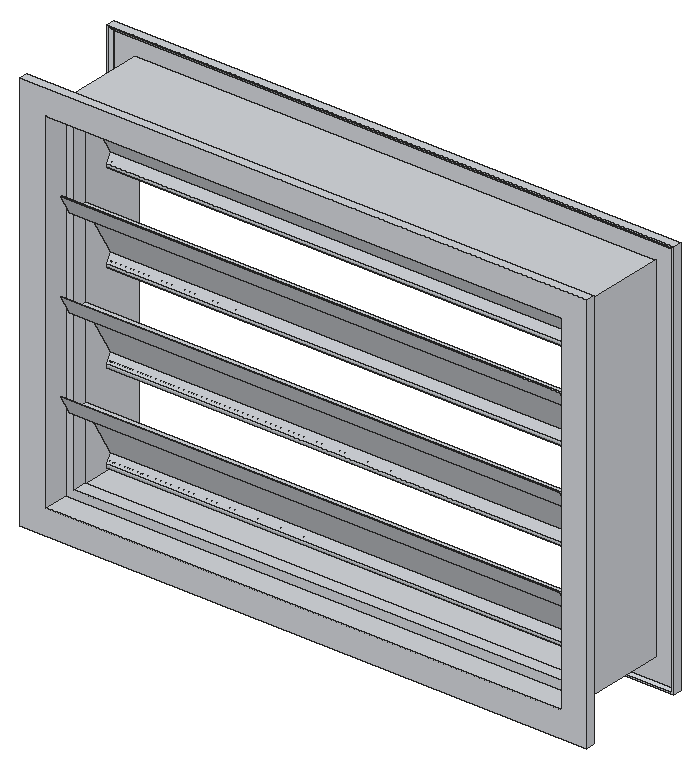
Revit family
Parameters (values of type "BDE Duct Flange")
  URL = "http://www.productspec.net/products/24357/holyoake-industries-ltd/back-draft-damper-bde.aspx"
  Type Comments = "Back Draft Damper"  # constant formula
  Top Blade Height = Air Stream Height - Blade Cut Setout - 16.00 mm  # 62.91 mm
  Technical Data = "http://www.productspec.net/nas/TechnicalFiles/2367/p24357/H15-H17%20BDE.pdf"
  Single Blade = Blade Count < 2  # no
  Multiple Blades = not(Single Blade)  # yes
  Desired Air Stream Width = 500.00 mm
  Desired Air Stream Height = 340.00 mm
  Damper Depth = 113.00 mm  # constant formula
  Damper = none
  Blade Number = if(Blade Count < 2, 2, Blade Count)  # 3
  Assembly Code = ""
  Air Stream Width = if(Desired Air Stream Width < 100.00 mm, 100.00 mm, if(Desired Air Stream Width > 1000.00 mm, 1000.00 mm, Desired Air Stream Width))  # 500.00 mm
  Air Stream Height = if(Desired Air Stream Height < 150.00 mm, 150.00 mm, if(Desired Air Stream Height > 1140.00 mm, 1140.00 mm, Desired Air Stream Height))  # 340.00 mm
  Exact Overall Flange Width = Air Stream Width + Duct Flange Width * 2  # 550.00 mm
  Exact Overall Flange Height = Air Stream Height + Duct Flange Width * 2  # 390.00 mm
  Model = "BDE Duct Flange"  # constant formula
  Manufacturer = "Holyoake Industries Ltd"  # constant formula
  Damper Offset = 500.00 mm
  Created By = "Productspec Ltd"  # constant formula
  Duct Flange Width = 25.00 mm  # constant formula
  Blade Pitch = 87.03 mm  # constant formula
  Blade Length = Air Stream Width - 16.00 mm  # 484.00 mm
  Blade Cut Setout = Blade Count * Blade Pitch  # 261.09 mm
  Blade Count = Blade ArrayNumber - 1  # 3
  Blade ArrayNumber = (Exact Overall Flange Height - Duct Flange Width * 2) / Blade Pitch  # 4
  Author = "Zinder Zhao"  # constant formula
Reference planes
  plane 1 "Wall": y = 0
  plane 2 "Center (Left/Right)": x = 125
  plane 3 "Back": y = 56.5
  plane 4: z = 500
  plane 5: z = 890
  plane 6: x = 400
  plane 7: x = -150
  plane 8: z = 620.03
  plane 9: x = 367
  plane 10: x = -117
  plane 11: z = 533
  plane 12: z = 857
  plane 13: z = 865
  plane 14: z = 525
  plane 15: z = 794.09
  plane 16: x = -125
  plane 17: x = 375
  plane 18: y = -56.5
Forms (mm)
  Sweep 1, solid, material <- "Damper", detail levels medium+fine
    path origin (0, 56.5, 0) x (1, 0, 0) y (0, 0, 1)
      loop
        line (367, 857) -> (-117, 857) -> (-117, 533) -> (367, 533) -> (367, 857)
    profile "Holyoake_DraftDamper_BDE_DuctFlange_profile : BDE Duct Flange Profile" origin (367, 56.5, 695) x (1, 0, 0) y (0, -1, 0)
      loop
        line (8, 113) -> (8, 89.5) -> (0, 89.5) -> (0, 76.25) -> (8, 76.25) -> (8, 0) -> (33, 0) -> (33, 8) -> (31.4, 8) -> (28.9, 5.5) -> (31.4, 5.5) -> (31.4, 1.6) -> (10.5, 1.6) -> (10.5, 78.75) -> (2.5, 78.75) -> (2.5, 87) -> (10.5, 87) -> (10.5, 111.4) -> (31.4, 111.4) -> (31.4, 107.5) -> (28.9, 107.5) -> (31.4, 105) -> (33, 105) -> (33, 113) -> (8, 113)
  Extrusion 2, solid, material <- "Damper", detail levels coarse+medium
    sketch origin (0, 0, 0) x (1, 0, 0) y (0, 1, 0)
      loop
        line (-125, 56.5) -> (-125, -56.5) -> (375, -56.5) -> (375, 56.5) -> (-125, 56.5)
    from 525 to 865
Lines and regions (mm)
  Opening 1
    outline origin (-5000, -56.5, 0) x (1, 0, 0) y (0, 0, 1)
      loop
        line (5375, 865) -> (4875, 865) -> (4875, 525) -> (5375, 525) -> (5375, 865)
Text (mm)
  text "Placement Side" at (-547.298, 205.054, 0), in view "Ref. Level"
  text "Placement side" at (0, 1409.804, 2854.306), in view "Left"
  text "Placement side" at (0, 499.811, 2980.732), in view "Right"
Dimensions and locks
  locked: plane 3 "Back" to host wall
  equal spacing: plane 7, plane 2 "Center (Left/Right)", plane 6
  "Exact Overall Flange Width": plane 7 to plane 6
  "Damper Offset": plane 4 to level
  "Blade Length": plane 10 to plane 9
  "Exact Overall Flange Height": plane 5 to plane 4
  "Blade Pitch": plane 8 to plane 11
  equal spacing: group 1, group 2, group 3  (x3)
  "Air Stream Height": plane 13 to plane 14
  locked: plane 13 to plane 12 at 8
  "Blade Cut Setout": plane 15 to plane 11
  "Air Stream Width": plane 16 to plane 17
  locked: plane 16 to plane 10 at 8
  "Duct Flange Width": plane 14 to plane 4
  "Duct Flange Width": plane 7 to plane 16
  plane 9 to plane 17 = 8.00 mm
  locked: plane 11 to plane 14 at 8
  "Damper Depth": plane 3 "Back" to plane 18
  aligned and locked: plane 1 "Wall" to host wall
  aligned and locked: plane 12 to Sweep 1 sketch curve
  aligned and locked: Sweep 1 sketch curve to plane 11
  aligned and locked: plane 5 to Sweep 1
  aligned and locked: plane 4 to Sweep 1
  aligned and locked: plane 11 to nested 1
  aligned and locked: plane 8 to nested 1
  aligned and locked: plane 8 to nested 2
  aligned and locked: plane 15 to nested 3
  aligned and locked: Sweep 1 to nested 1
  aligned and locked: Sweep 1 to nested 2
  aligned and locked: Extrusion 2 to Sweep 1  (x2)
  aligned and locked: plane 17 to Extrusion 2 sketch curve
  aligned and locked: Extrusion 2 sketch curve to Sweep 1
  aligned and locked: plane 17 to Opening 1 sketch curve
  aligned and locked: Opening 1 sketch curve to plane 13
  aligned and locked: plane 16 to Opening 1 sketch curve
  aligned and locked: plane 14 to Opening 1 sketch curve
  aligned and locked: plane 8 to nested 4
  aligned and locked: plane 11 to nested 4
  aligned and locked: Sweep 1 to nested 4
Automatic sketch dimensions
  Sweep 1 sketch curve to plane 10 = 0.00 mm
  Sweep 1 sketch curve to plane 9 = 0.00 mm
  Extrusion 2 sketch curve to host wall = 0.00 mm
  Extrusion 2 sketch curve to plane 16 = 0.00 mm
Nested families
  nested 1: "Holyoake_BackDraftDamper_BDE_Blade" at (125, 13.5, 533), visible <- "Multiple Blades", type "Holyoake_BackDraftDamper_BDE_Blade"
    with Length 484.00 mm
  nested 2: "Holyoake_BackDraftDamper_BDE_Blade" at (125, 13.5, 620.03), visible <- "Multiple Blades", type "Holyoake_BackDraftDamper_BDE_Blade"
    with Length 484.00 mm
  nested 3: "Holyoake_BackDraftDamper_BDE_BladewithVoid" at (125, 13.5, 794.09), type "Holyoake_BackDraftDamper_BDE_BladewithVoid"
    with Length 484.00 mm, Blade Cut Setout 62.91 mm
  nested 4: "Holyoake_BackDraftDamper_BDE_Blade" at (125, 13.5, 533), visible <- "Single Blade", type "Holyoake_BackDraftDamper_BDE_Blade"
    with Length 484.00 mm
  nested 5: "Holyoake_BackDraftDamper_BDE_Blade" at (125, 13.5, 707.06), visible <- "Multiple Blades", type "Holyoake_BackDraftDamper_BDE_Blade"
    with Length 484.00 mm
Connectors
  hvac at (125, -56.5, 695), driven by "Air Stream Height", driven by "Air Stream Width"
    settings: on Sweep 1, index 1
  hvac at (125, 56.5, 695), driven by "Air Stream Height", driven by "Air Stream Width"
    settings: on Sweep 1, index 2
Definition of nested family "Holyoake_BackDraftDamper_BDE_Blade"
  Parameters (values of type "Holyoake_BackDraftDamper_BDE_Blade")
    Ownership = "Holyoake Industries Ltd"
    Model = "BDE Blade"
    Manufacturer = "Holyoake Industries Ltd"
    Length = 500.00 mm
    Description = ""
    Created By = "Productspec Ltd"
    Blade = Aluminium
    Author = "Zinder Zhao"
    Assembly Code = ""
  Reference planes
    plane 1 "Left": y = 0
    plane 2: z = 0
    plane 3 "Center (Left/Right)": x = 0
    plane 4: x = -250
    plane 5: x = 250
    plane 6 "Right": y = -62
  Forms (mm)
    Sweep 1, solid, material "Aluminium" <- "Blade", detail levels fine
      path origin (0, 0, 0) x (1, 0, 0) y (0, 1, 0)
        loop
          line (-250, 0) -> (250, 0)
      profile "Holyoake_DraftDamper_BDE_Blade_profile : BDE Blade Profile" origin (0, 0, 0) x (0, 1, 0) y (0, 0, 1)
        loop
          line (-3.041, 7.396) -> (0, 12.663) -> (-33.205, 70.173) -> (-50.641, 70.173) -> (-60.373, 87.03) -> (-61.99, 87.03) -> (-51.449, 68.773) -> (-34.013, 68.773) -> (-1.617, 12.662) -> (-6.261, 4.616)
          arc (-6.261, 4.616) -> (-6.657, 3.08) -> (-6.241, 1.55) r 3.1
          line (-6.241, 1.55) -> (-5.138, 2.476)
          arc (-5.138, 2.476) -> (-2.348, 4.295) -> (-4.199, 1.526) r 1.7
          line (-4.199, 1.526) -> (-4.728, 0.23)
          arc (-4.728, 0.23) -> (-0.635, 2.063) -> (-2.656, 6.066) r 3.1
          arc (-2.656, 6.066) -> (-3.115, 6.654) -> (-3.041, 7.396) r 1.001
  Dimensions and locks
    "Length": plane 4 to plane 5
    equal spacing: plane 4, plane 3 "Center (Left/Right)", plane 5
    aligned and locked: Sweep 1 to plane 4
    aligned and locked: Sweep 1 to plane 5
  Automatic sketch dimensions
    Sweep 1 sketch curve to plane 1 "Left" = 0.00 mm
    Sweep 1 sketch curve to plane 4 = 0.00 mm
    Sweep 1 sketch curve to plane 5 = 0.00 mm
Definition of nested family "Holyoake_BackDraftDamper_BDE_BladewithVoid"
  Parameters (values of type "Holyoake_BackDraftDamper_BDE_BladewithVoid")
    Ownership = "Holyoake Industries Ltd"
    Model = "BDE Cutted Blade"
    Manufacturer = "Holyoake Industries Ltd"
    Length = 500.00 mm
    Height = 87.00 mm
    Description = ""
    Created By = "Productspec Ltd"
    Blade Cut Setout = 40.00 mm
    Blade = Aluminium
    Author = "Zinder Zhao"
    Assembly Code = ""
  Reference planes
    plane 1 "Left": y = 0
    plane 2: z = 0
    plane 3 "Center (Left/Right)": x = 0
    plane 4: x = -250
    plane 5: x = 250
    plane 6: z = 87
    plane 7: z = 40
    plane 8 "Right": y = -62
  Forms (mm)
    Sweep 1, solid, material "Aluminium" <- "Blade", detail levels fine
      path origin (0, 0, 0) x (1, 0, 0) y (0, 1, 0)
        loop
          line (-250, 0) -> (250, 0)
      profile "Holyoake_DraftDamper_BDE_Blade_profile : BDE Blade Profile" origin (0, 0, 0) x (0, 1, 0) y (0, 0, 1)
        loop
          line (-3.041, 7.396) -> (0, 12.663) -> (-33.205, 70.173) -> (-50.641, 70.173) -> (-60.373, 87.03) -> (-61.99, 87.03) -> (-51.449, 68.773) -> (-34.013, 68.773) -> (-1.617, 12.662) -> (-6.261, 4.616)
          arc (-6.261, 4.616) -> (-6.657, 3.08) -> (-6.241, 1.55) r 3.1
          line (-6.241, 1.55) -> (-5.138, 2.476)
          arc (-5.138, 2.476) -> (-2.348, 4.295) -> (-4.199, 1.526) r 1.7
          line (-4.199, 1.526) -> (-4.728, 0.23)
          arc (-4.728, 0.23) -> (-0.635, 2.063) -> (-2.656, 6.066) r 3.1
          arc (-2.656, 6.066) -> (-3.115, 6.654) -> (-3.041, 7.396) r 1.001
    Extrusion 2, void
      sketch origin (0, 0, 0) x (0, 1, 0) y (0, 0, 1)
        loop
          line (-62, 87.03) -> (-62, 40) -> (0, 40) -> (0, 87.03) -> (-62, 87.03)
      from -250 to 250
  Cuts and joins
    Extrusion 2 cuts Sweep 1
  Dimensions and locks
    "Length": plane 4 to plane 5
    equal spacing: plane 4, plane 3 "Center (Left/Right)", plane 5
    "Height": plane 6 to level
    "Blade Cut Setout": plane 7 to level
    aligned and locked: Sweep 1 to plane 4
    aligned and locked: Sweep 1 to plane 5
    aligned and locked: level to plane 2
    aligned and locked: plane 4 to Extrusion 2
    aligned and locked: Extrusion 2 to plane 5
    aligned and locked: Extrusion 2 to plane 1 "Left"
    aligned and locked: Extrusion 2 to Sweep 1
    aligned and locked: Extrusion 2 to plane 8 "Right"
    aligned and locked: Extrusion 2 to plane 7
  Automatic sketch dimensions
    Sweep 1 sketch curve to plane 1 "Left" = 0.00 mm
    Sweep 1 sketch curve to plane 4 = 0.00 mm
    Sweep 1 sketch curve to plane 5 = 0.00 mm
    plane 1 "Left" to Extrusion 2 sketch curve = 62.00 mm
    plane 7 to Extrusion 2 sketch curve = 0.00 mm
    plane 6 to Extrusion 2 sketch curve = 0.03 mm
    plane 1 "Left" to Extrusion 2 sketch curve = 0.00 mm
